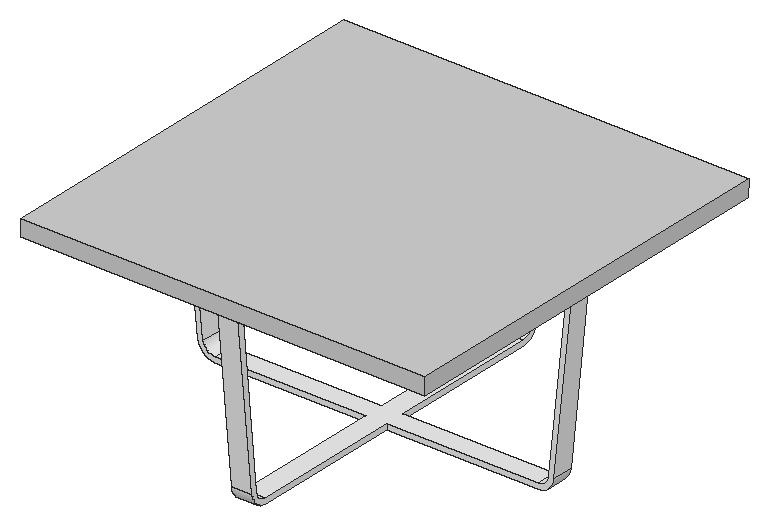
Revit family
Parameters (values of type "30"")
  Width = 2' - 6"
  URL = "http://elanbydecca.com/"
  Top [instance] = Furniture - DECCA (Elan) - Float - Top
  Base [instance] = Furniture - DECCA (Elan) - Float - Base
  Product URL = "http://elanbydecca.com/PDFs/elan_tearsheet-float.pdf"
  Model = "FT CT300"
  Manufacturer = "Decca Contract"
  Height = 1' - 3"  # constant formula
  Description = "Float Coffee Table"
  Depth = Width  # 2' - 6"
  Assembly Description = "Furniture & Accessories"
  Assembly Code = "E2020200"
Types (4): name | Width | Model | Depth
  (no name) | 2' - 6" | "FT CT300" | 2' - 6"
  42" | 3' - 6" | "FT CT310" | 3' - 6"
  36" | 3' - 0" | "FT CT305" | 3' - 0"
  30" | 2' - 6" | "FT CT300" | 2' - 6"
Reference planes (in)
  plane 1 "Center Front/Back": y = -0.7524
  plane 2: z = 0
  plane 3 "Center Left/Right": x = 0
  plane 4 "L": x = -15
  plane 5 "R": x = 15
  plane 6 "F": y = -15.7524
  plane 7: y = 14.2476
  plane 8: through (-6.25338, 2.33237, 23.38953) normal (0.4297, -0.4297, 0.7941)
  plane 9 "ST": z = 15
  plane 10: z = 0.25
  plane 11: x = -0.75
  plane 12: x = 0.75
  plane 13: y = -0.0024
  plane 14: y = -1.5024
  plane 15: z = 13.75
  plane 16: x = -5
  plane 17: x = 5
  plane 18: y = -5.7524
  plane 19: y = 4.2476
Forms (in)
  Extrusion 1, solid, material "Furniture - DECCA (Elan) - Float - Base" <- "Base"
    sketch origin (0, 0, 0) x (0, 1, 0) y (0, 0, 1)
      loop
        line (13.74127, 13.75) -> (-15.24607, 13.75) -> (-13.95916, 1.37075)
        arc (-13.95916, 1.37075) -> (-13.5528, 0.57154) -> (-12.71586, 0.25) r 1.25
        line (-12.71586, 0.25) -> (11.21106, 0.25)
        arc (11.21106, 0.25) -> (12.048, 0.57154) -> (12.45436, 1.37075) r 1.25
        line (12.45436, 1.37075) -> (13.74127, 13.75)
      loop
        line (13.32526, 13.375) -> (-14.83006, 13.375) -> (-13.58617, 1.40952)
        arc (-13.58617, 1.40952) -> (-13.30171, 0.85008) -> (-12.71586, 0.625) r 0.875
        line (-12.71586, 0.625) -> (11.21106, 0.625)
        arc (11.21106, 0.625) -> (11.79691, 0.85008) -> (12.08137, 1.40952) r 0.875
        line (12.08137, 1.40952) -> (13.32526, 13.375)
    from -0.75 to 0.75
  Extrusion 2, solid, material "Furniture - DECCA (Elan) - Float - Base" <- "Base"
    sketch origin (0, -16.42176, 0) x (1, 0, 0) y (0, 0, -1)
      loop
        line (-14.49563, -13.75) -> (14.49563, -13.75) -> (13.20872, -1.37075)
        arc (13.20872, -1.37075) -> (12.80236, -0.57154) -> (11.96542, -0.25) r 1.25
        line (11.96542, -0.25) -> (-11.96542, -0.25)
        arc (-11.96542, -0.25) -> (-12.80236, -0.57154) -> (-13.20872, -1.37075) r 1.25
        line (-13.20872, -1.37075) -> (-14.49563, -13.75)
      loop
        line (-14.07962, -13.375) -> (14.07962, -13.375) -> (12.83573, -1.40953)
        arc (12.83573, -1.40953) -> (12.55128, -0.85008) -> (11.96542, -0.625) r 0.875
        line (11.96542, -0.625) -> (-11.96542, -0.625)
        arc (-11.96542, -0.625) -> (-12.55128, -0.85008) -> (-12.83573, -1.40953) r 0.875
        line (-12.83573, -1.40953) -> (-14.07962, -13.375)
    from 14.91936 to 16.41936
  Extrusion 3, solid, material "Furniture - DECCA (Elan) - Float - Top" <- "Top"
    sketch origin (0, 0, 15) x (-1, 0, 0) y (0, -1, 0)
      loop
        line (15, -14.2476) -> (15, 15.7524) -> (-15, 15.7524) -> (-15, -14.2476) -> (15, -14.2476)
    from -1.25 to 0
  Extrusion 4, solid, material "Furniture - DECCA (Elan) - Float - Base" <- "Base"
    sketch origin (0, 0, 15) x (-1, 0, 0) y (0, -1, 0)
      loop
        circle (0, -4.2476) r 0.125
      loop
        circle (-5, 0.7524) r 0.125
      loop
        circle (0, 5.7524) r 0.125
      loop
        circle (5, 0.7524) r 0.125
    from -15 to -14.75
Cuts and joins
  joined: Extrusion 1, Extrusion 2, Extrusion 4
Lines and regions (in)
  reference lines
    curve 1: line (-13.06622, -0.7524, 0) -> (-14.49563, -0.7524, 13.75)
    curve 2: line (13.06622, -0.7524, 0) -> (14.49563, -0.7524, 13.75)
    curve 3: line (0, 13.74127, 13.75) -> (0, 12.31186, 0)
    curve 4: line (0, -15.24607, 13.75) -> (0, -13.81666, 0)
Dimensions and locks (in)
  equal spacing: plane 4 "L", plane 3 "Center Left/Right", plane 5 "R"
  equal spacing: plane 7, plane 1 "Center Front/Back", plane 6 "F"
  "Width": plane 4 "L" to plane 5 "R"
  "Depth": plane 7 to plane 6 "F"
  "Height": plane 9 "ST" to level
  plane 13 to plane 1 "Center Front/Back" to plane 14 = 0' - 0 3/4" locked, 0' - 0 3/4" locked
  plane 11 to plane 3 "Center Left/Right" to plane 12 = 0' - 0 3/4" locked, 0' - 0 3/4" locked
  locked: plane 9 "ST" to plane 15 at 1.25
  locked: curve 1 to plane 4 "L" at 1.93378
  locked: curve 1 to plane 4 "L" at 0.50437
  locked: curve 2 to plane 5 "R" at 0.50437
  locked: curve 2 to plane 5 "R" at 1.93378
  locked: plane 7 to curve 3 at 0.50633
  locked: plane 7 to curve 3 at 1.93574
  locked: curve 4 to plane 6 "F" at 0.50633
  locked: curve 4 to plane 6 "F" at 1.93574
  equal spacing: plane 4 "L", plane 16, plane 17, plane 5 "R"
  equal spacing: plane 7, plane 19, plane 18, plane 6 "F"
  aligned and locked: plane 15 to curve 3
  aligned and locked: level to curve 3
  aligned and locked: plane 15 to Extrusion 1 sketch curve
  aligned and locked: Extrusion 1 sketch curve to curve 3
  aligned and locked: plane 10 to Extrusion 1 sketch curve
  aligned and locked: Extrusion 1 sketch curve to curve 4
  aligned and locked: Extrusion 1 to plane 11
  aligned and locked: Extrusion 1 to plane 12
  aligned and locked: plane 15 to Extrusion 2 sketch curve
  aligned and locked: plane 10 to Extrusion 2 sketch curve
  aligned and locked: curve 1 to Extrusion 2 sketch curve
  aligned and locked: curve 2 to Extrusion 2 sketch curve
  aligned and locked: Extrusion 2 to plane 13
  aligned and locked: Extrusion 2 to plane 14
  aligned and locked: Extrusion 3 to plane 15
  aligned and locked: plane 9 "ST" to Extrusion 3
  aligned and locked: Extrusion 4 to level
  aligned and locked: plane 10 to Extrusion 4
  aligned and locked: Extrusion 3 sketch curve to plane 7
  aligned and locked: Extrusion 3 sketch curve to plane 4 "L"
  aligned and locked: plane 5 "R" to Extrusion 3 sketch curve
  aligned and locked: Extrusion 3 sketch curve to plane 6 "F"
Automatic sketch dimensions
  curve 4 to plane 15 = 0' - 0"
  curve 4 to level = 0' - 0"
  curve 1 to plane 15 = 0' - 0"
  curve 1 to level = 0' - 0"
  curve 2 to level = 0' - 0"
  curve 2 to plane 15 = 0' - 0"
  plane 10 to Extrusion 1 sketch curve = 0' - 1.12075"  (x2)
  Extrusion 1 sketch curve to Extrusion 1 sketch curve = 0' - 1.2433"
  plane 10 to Extrusion 1 sketch curve = 0' - 1 1/4"
  Extrusion 1 sketch curve to Extrusion 1 sketch curve = 0' - 0.416"  (x2)
  Extrusion 1 sketch curve to plane 15 = 0' - 0 3/8"
  Extrusion 1 sketch curve to Extrusion 1 sketch curve = 0' - 0.37299"
  Extrusion 1 sketch curve to Extrusion 1 sketch curve = 0' - 0.03878"  (x2)
  Extrusion 1 sketch curve to Extrusion 1 sketch curve = 0' - 0"  (x4)
  Extrusion 2 sketch curve to plane 10 = 0' - 1.12075"
  Extrusion 2 sketch curve to plane 10 = 0' - 1 1/4"  (x2)
  Extrusion 2 sketch curve to plane 5 "R" = 0' - 1.79128"
  Extrusion 2 sketch curve to Extrusion 2 sketch curve = 0' - 0.416"  (x2)
  plane 15 to Extrusion 2 sketch curve = 0' - 0 3/8"
  Extrusion 2 sketch curve to Extrusion 2 sketch curve = 0' - 0.37299"
  Extrusion 2 sketch curve to Extrusion 2 sketch curve = 0' - 0.03877"  (x2)
  Extrusion 2 sketch curve to Extrusion 2 sketch curve = 0' - 0"  (x4)
  plane 1 "Center Front/Back" to Extrusion 4 sketch curve = 0' - 0"  (x2)
  Extrusion 4 sketch curve to plane 17 = 0' - 0"
  Extrusion 4 sketch curve to plane 3 "Center Left/Right" = 0' - 0"  (x2)
  Extrusion 4 sketch curve to plane 16 = 0' - 0"
  plane 19 to Extrusion 4 sketch curve = 0' - 0"
  Extrusion 4 sketch curve to plane 18 = 0' - 0"
  radius of Extrusion 4 sketch curve = 0' - 0 1/8"  (x4)
